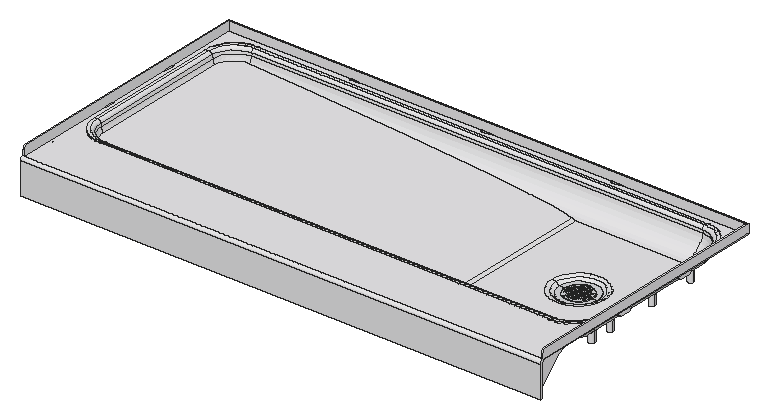
Revit family "Shower-Base-STERLING-Ensemble-72171120_1", category Plumbing Fixtures, host Face, Revit 2017 (continued)
Definition of nested family "72171120"
  Lines and regions (in)
    symbolic lines, detail levels medium+fine
      curve 111: arc (22.2, -0.88222, 0) -> (22.18536, -0.84686, 0) -> (22.15, -0.83222, 0) r 0.05
      curve 112: line (21.156, -0.73847, 0) -> (20.85, -0.73847, 0)
      curve 113: arc (20.85, -0.73847, 0) -> (20.81464, -0.72382, 0) -> (20.8, -0.68847, 0) r 0.05
      curve 114: line (20.8, -0.68847, 0) -> (20.8, -0.38247, 0)
      curve 115: arc (20.8, -0.38247, 0) -> (20.81464, -0.34711, 0) -> (20.85, -0.33247, 0) r 0.05
      curve 116: line (20.85, -0.33247, 0) -> (21.156, -0.33247, 0)
      curve 117: arc (21.156, -0.33247, 0) -> (21.19136, -0.34711, 0) -> (21.206, -0.38247, 0) r 0.05
      curve 118: line (21.206, -0.38247, 0) -> (21.206, -0.68847, 0)
      curve 119: arc (21.206, -0.68847, 0) -> (21.19136, -0.72382, 0) -> (21.156, -0.73847, 0) r 0.05
      curve 120: line (20.85, -0.83222, 0) -> (21.15625, -0.83222, 0)
      curve 121: arc (21.15625, -0.83222, 0) -> (21.19161, -0.84686, 0) -> (21.20625, -0.88222, 0) r 0.05
      curve 122: line (21.20625, -0.88222, 0) -> (21.20625, -1.18847, 0)
      curve 123: arc (21.20625, -1.18847, 0) -> (21.19161, -1.22382, 0) -> (21.15625, -1.23847, 0) r 0.05
      curve 124: line (21.15625, -1.23847, 0) -> (20.85, -1.23847, 0)
      curve 125: arc (20.85, -1.23847, 0) -> (20.81464, -1.22382, 0) -> (20.8, -1.18847, 0) r 0.05
      curve 126: line (20.8, -1.18847, 0) -> (20.8, -0.88222, 0)
      curve 127: arc (20.8, -0.88222, 0) -> (20.81464, -0.84686, 0) -> (20.85, -0.83222, 0) r 0.05
      curve 128: line (20.65625, 0.25503, 0) -> (20.35025, 0.25503, 0)
      curve 129: arc (20.35025, 0.25503, 0) -> (20.31489, 0.26968, 0) -> (20.30025, 0.30503, 0) r 0.05
      curve 130: line (20.30025, 0.30503, 0) -> (20.30025, 0.61103, 0)
      curve 131: arc (20.30025, 0.61103, 0) -> (20.31489, 0.64639, 0) -> (20.35025, 0.66103, 0) r 0.05
      curve 132: line (20.35025, 0.66103, 0) -> (20.65625, 0.66103, 0)
      curve 133: arc (20.65625, 0.66103, 0) -> (20.69161, 0.64639, 0) -> (20.70625, 0.61103, 0) r 0.05
      curve 134: line (20.70625, 0.61103, 0) -> (20.70625, 0.30503, 0)
      curve 135: arc (20.70625, 0.30503, 0) -> (20.69161, 0.26968, 0) -> (20.65625, 0.25503, 0) r 0.05
      curve 136: line (20.65625, -0.33247, 0) -> (20.35025, -0.33247, 0)
      curve 137: arc (20.35025, -0.33247, 0) -> (20.31489, -0.34711, 0) -> (20.30025, -0.38247, 0) r 0.05
      curve 138: line (20.30025, -0.38247, 0) -> (20.30025, -0.68847, 0)
      curve 139: arc (20.30025, -0.68847, 0) -> (20.31489, -0.72382, 0) -> (20.35025, -0.73847, 0) r 0.05
      curve 140: line (20.35025, -0.73847, 0) -> (20.65625, -0.73847, 0)
      curve 141: arc (20.65625, -0.73847, 0) -> (20.69161, -0.72382, 0) -> (20.70625, -0.68847, 0) r 0.05
      curve 142: line (20.70625, -0.68847, 0) -> (20.70625, -0.38247, 0)
      curve 143: arc (20.70625, -0.38247, 0) -> (20.69161, -0.34711, 0) -> (20.65625, -0.33247, 0) r 0.05
      curve 144: line (22.34375, 0.25503, 0) -> (22.64975, 0.25503, 0)
      curve 145: arc (22.64975, 0.25503, 0) -> (22.68511, 0.26968, 0) -> (22.69975, 0.30503, 0) r 0.05
      curve 146: line (22.69975, 0.30503, 0) -> (22.69975, 0.61103, 0)
      curve 147: arc (22.69975, 0.61103, 0) -> (22.68511, 0.64639, 0) -> (22.64975, 0.66103, 0) r 0.05
      curve 148: line (22.64975, 0.66103, 0) -> (22.34375, 0.66103, 0)
      curve 149: arc (22.34375, 0.66103, 0) -> (22.30839, 0.64639, 0) -> (22.29375, 0.61103, 0) r 0.05
      curve 150: line (22.29375, 0.61103, 0) -> (22.29375, 0.30503, 0)
      curve 151: arc (22.29375, 0.30503, 0) -> (22.30839, 0.26968, 0) -> (22.34375, 0.25503, 0) r 0.05
      curve 152: line (22.34375, -0.33247, 0) -> (22.64975, -0.33247, 0)
      curve 153: arc (22.64975, -0.33247, 0) -> (22.68511, -0.34711, 0) -> (22.69975, -0.38247, 0) r 0.05
      curve 154: line (22.69975, -0.38247, 0) -> (22.69975, -0.68847, 0)
      curve 155: arc (22.69975, -0.68847, 0) -> (22.68511, -0.72382, 0) -> (22.64975, -0.73847, 0) r 0.05
      curve 156: line (22.64975, -0.73847, 0) -> (22.34375, -0.73847, 0)
      curve 157: arc (22.34375, -0.73847, 0) -> (22.30839, -0.72382, 0) -> (22.29375, -0.68847, 0) r 0.05
      curve 158: line (22.29375, -0.68847, 0) -> (22.29375, -0.38247, 0)
      curve 159: arc (22.29375, -0.38247, 0) -> (22.30839, -0.34711, 0) -> (22.34375, -0.33247, 0) r 0.05
      curve 160: line (21.7, 1.11103, 0) -> (21.7, 0.80103, 0)
      curve 161: arc (21.7, 0.80103, 0) -> (21.68536, 0.76568, 0) -> (21.65, 0.75103, 0) r 0.05
      curve 162: line (21.65, 0.75103, 0) -> (21.35, 0.75103, 0)
      curve 163: arc (21.35, 0.75103, 0) -> (21.31464, 0.76568, 0) -> (21.3, 0.80103, 0) r 0.05
      curve 164: line (21.3, 0.80103, 0) -> (21.3, 1.11103, 0)
      curve 165: line (21.37, 1.16103, 0) -> (21.37, 1.41103, 0)
      curve 166: line (21.37, 1.41103, 0) -> (21.63, 1.41103, 0)
      curve 167: line (21.63, 1.16103, 0) -> (21.63, 1.41103, 0)
      curve 168: arc (21.3, 1.11103, 0) -> (21.32213, 1.15404, 0) -> (21.37, 1.16103, 0) r 0.05286
      curve 169: arc (21.63, 1.16103, 0) -> (21.67787, 1.15404, 0) -> (21.7, 1.11103, 0) r 0.05286
      curve 170: line (21.7, -1.18847, 0) -> (21.7, -0.87847, 0)
      curve 171: arc (21.7, -0.87847, 0) -> (21.68536, -0.84311, 0) -> (21.65, -0.82847, 0) r 0.05
      curve 172: line (21.65, -0.82847, 0) -> (21.35, -0.82847, 0)
      curve 173: arc (21.35, -0.82847, 0) -> (21.31464, -0.84311, 0) -> (21.3, -0.87847, 0) r 0.05
      curve 174: line (21.3, -0.87847, 0) -> (21.3, -1.18847, 0)
      curve 175: line (21.37, -1.23847, 0) -> (21.37, -1.48847, 0)
      curve 176: line (21.37, -1.48847, 0) -> (21.63, -1.48847, 0)
      curve 177: line (21.63, -1.23847, 0) -> (21.63, -1.48847, 0)
      curve 178: arc (21.3, -1.18847, 0) -> (21.32213, -1.23148, 0) -> (21.37, -1.23847, 0) r 0.05286
      curve 179: arc (21.63, -1.23847, 0) -> (21.67787, -1.23148, 0) -> (21.7, -1.18847, 0) r 0.05286
      curve 180: line (20.35025, 0.16128, 0) -> (20.66025, 0.16128, 0)
      curve 181: arc (20.66025, 0.16128, 0) -> (20.69561, 0.14664, 0) -> (20.71025, 0.11128, 0) r 0.05
      curve 182: line (20.71025, 0.11128, 0) -> (20.71025, -0.18872, 0)
      curve 183: arc (20.71025, -0.18872, 0) -> (20.69561, -0.22407, 0) -> (20.66025, -0.23872, 0) r 0.05
      curve 184: line (20.66025, -0.23872, 0) -> (20.35025, -0.23872, 0)
      curve 185: line (20.30025, -0.16872, 0) -> (20.05025, -0.16872, 0)
      curve 186: line (20.05025, -0.16872, 0) -> (20.05025, 0.09128, 0)
      curve 187: line (20.30025, 0.09128, 0) -> (20.05025, 0.09128, 0)
      curve 188: arc (20.35025, -0.23872, 0) -> (20.30724, -0.21658, 0) -> (20.30025, -0.16872, 0) r 0.05286
      curve 189: arc (20.30025, 0.09128, 0) -> (20.30724, 0.13915, 0) -> (20.35025, 0.16128, 0) r 0.05286
      curve 190: line (22.64975, 0.16128, 0) -> (22.33975, 0.16128, 0)
      curve 191: arc (22.33975, 0.16128, 0) -> (22.30439, 0.14664, 0) -> (22.28975, 0.11128, 0) r 0.05
      curve 192: line (22.28975, 0.11128, 0) -> (22.28975, -0.18872, 0)
      curve 193: arc (22.28975, -0.18872, 0) -> (22.30439, -0.22407, 0) -> (22.33975, -0.23872, 0) r 0.05
      curve 194: line (22.33975, -0.23872, 0) -> (22.64975, -0.23872, 0)
      curve 195: line (22.69975, -0.16872, 0) -> (22.94975, -0.16872, 0)
      curve 196: line (22.94975, -0.16872, 0) -> (22.94975, 0.09128, 0)
      curve 197: line (22.69975, 0.09128, 0) -> (22.94975, 0.09128, 0)
      curve 198: arc (22.64975, -0.23872, 0) -> (22.69276, -0.21658, 0) -> (22.69975, -0.16872, 0) r 0.05286
      curve 199: arc (22.69975, 0.09128, 0) -> (22.69276, 0.13915, 0) -> (22.64975, 0.16128, 0) r 0.05286
      curve 200: arc (26.0138, 11.00374, 0) -> (26.91576, 10.61481, 0) -> (27.28728, 9.70554, 0) r 1.29844
      curve 201: line (27.28728, 9.70554, 0) -> (27.28728, -9.70554, 0)
      curve 202: arc (26.0138, -11.00374, 0) -> (26.91576, -10.61481, 0) -> (27.28728, -9.70554, 0) r 1.29844
      curve 203: line (-15.57877, 13.44628, 0) -> (-14.47768, 13.44628, 0)
      curve 204: arc (-14.47768, 13.44628, 0) -> (-14.4252, 13.46802, 0) -> (-14.40346, 13.5205, 0) r 0.07422
      curve 205: line (-14.40346, 13.5205, 0) -> (-14.40346, 13.65482, 0)
      curve 206: arc (-15.65169, 13.51921, 0) -> (-15.63033, 13.46764, 0) -> (-15.57877, 13.44628, 0) r 0.07293
      curve 207: line (-15.65169, 13.65482, 0) -> (-15.65169, 13.51921, 0)
      curve 208: line (-0.5499, 13.44628, 0) -> (0.55119, 13.44628, 0)
      curve 209: arc (0.55119, 13.44628, 0) -> (0.60367, 13.46802, 0) -> (0.62541, 13.5205, 0) r 0.07422
      curve 210: line (0.62541, 13.5205, 0) -> (0.62541, 13.65482, 0)
      curve 211: arc (-0.62283, 13.51921, 0) -> (-0.60147, 13.46764, 0) -> (-0.5499, 13.44628, 0) r 0.07293
      curve 212: line (-0.62283, 13.65482, 0) -> (-0.62283, 13.51921, 0)
      curve 213: line (14.47768, 13.44628, 0) -> (15.57877, 13.44628, 0)
      curve 214: arc (15.57877, 13.44628, 0) -> (15.63125, 13.46802, 0) -> (15.65298, 13.5205, 0) r 0.07422
      curve 215: line (15.65298, 13.5205, 0) -> (15.65298, 13.65482, 0)
      curve 216: arc (14.40475, 13.51921, 0) -> (14.42611, 13.46764, 0) -> (14.47768, 13.44628, 0) r 0.07293
      curve 217: line (14.40475, 13.65482, 0) -> (14.40475, 13.51921, 0)
      curve 218: line (-29.61162, 4.34771, 0) -> (-29.61162, 5.4488, 0)
      curve 219: arc (-29.61162, 5.4488, 0) -> (-29.63336, 5.50128, 0) -> (-29.68584, 5.52302, 0) r 0.07422
      curve 220: line (-29.68584, 5.52302, 0) -> (-29.81854, 5.52302, 0)
      curve 221: arc (-29.68455, 4.27478, 0) -> (-29.63298, 4.29614, 0) -> (-29.61162, 4.34771, 0) r 0.07293
      curve 222: line (-29.81854, 4.27478, 0) -> (-29.68455, 4.27478, 0)
      curve 223: line (-29.61162, -7.67662, 0) -> (-29.61162, -6.57553, 0)
      curve 224: arc (-29.61162, -6.57553, 0) -> (-29.63336, -6.52305, 0) -> (-29.68584, -6.50131, 0) r 0.07422
      curve 225: line (-29.68584, -6.50131, 0) -> (-29.81854, -6.50131, 0)
      curve 226: arc (-29.68455, -7.74955, 0) -> (-29.63298, -7.72819, 0) -> (-29.61162, -7.67662, 0) r 0.07293
      curve 227: line (-29.81854, -7.74955, 0) -> (-29.68455, -7.74955, 0)
      curve 228: line (29.61162, 4.34771, 0) -> (29.61162, 5.4488, 0)
      curve 229: arc (29.61162, 5.4488, 0) -> (29.63336, 5.50128, 0) -> (29.68584, 5.52302, 0) r 0.07422
      curve 230: line (29.68584, 5.52302, 0) -> (29.81854, 5.52302, 0)
      curve 231: arc (29.68455, 4.27478, 0) -> (29.63298, 4.29614, 0) -> (29.61162, 4.34771, 0) r 0.07293
      curve 232: line (29.81854, 4.27478, 0) -> (29.68455, 4.27478, 0)
      curve 233: line (29.61162, -7.67662, 0) -> (29.61162, -6.57553, 0)
      curve 234: arc (29.61162, -6.57553, 0) -> (29.63336, -6.52305, 0) -> (29.68584, -6.50131, 0) r 0.07422
      curve 235: line (29.68584, -6.50131, 0) -> (29.81854, -6.50131, 0)
      curve 236: arc (29.68455, -7.74955, 0) -> (29.63298, -7.72819, 0) -> (29.61162, -7.67662, 0) r 0.07293
      curve 237: line (29.81854, -7.74955, 0) -> (29.68455, -7.74955, 0)
      curve 238: line (0, -9.90746, 1.11914) -> (0, 9.90746, 1.11914)
      curve 239: line (0, 9.69244, 0) -> (0, 9.69244, 1.11914)
      curve 240: line (0, 9.05801, 0) -> (0, 9.05801, 1.11914)
      curve 241: line (0, 4.12338, 0) -> (0, 4.12338, 1.11914)
      curve 242: line (0, 3.48895, 0) -> (0, 3.48895, 1.11914)
      curve 243: line (0, 2.19244, 0) -> (0, 2.19244, 1.11914)
      curve 244: line (0, 1.55801, 0) -> (0, 1.55801, 1.11914)
      curve 245: line (0, -10.16119, 0) -> (0, -10.16119, 1.13205)
      curve 246: line (0, -9.52676, 0) -> (0, -9.52676, 1.11914)
      curve 247: line (0, -1.19204, 0) -> (0, -1.19204, 1.11914)
      curve 248: line (0, -0.55761, 0) -> (0, -0.55761, 1.11914)
      curve 249: line (0, 0.77015, 0) -> (0, 0.77015, 1.11914)
      curve 250: line (0, 1.40458, 0) -> (0, 1.40458, 1.11914)
      curve 251: line (0, -8.56089, 0) -> (0, -8.56089, 1.11914)
      curve 252: line (0, -7.92646, 0) -> (0, -7.92646, 1.11914)
      curve 253: arc (0, 11.98871, 2.23407) -> (0, 11.3594, 0.78644) -> (0, 9.93976, 0.09629) r 2.2761
      curve 254: line (0, 4.12338, 0.09629) -> (0, 9.05801, 0.09629)
      curve 255: arc (0, 9.90746, 1.11914) -> (0, 11.3259, 1.56049) -> (0, 12.24352, 2.72873) r 2.5
      curve 256: arc (0, 11.83708, 2.02962) -> (0, 11.10287, 0.72238) -> (0, 9.69244, 0.21382) r 2.14804
      curve 257: arc (0, 11.6824, 1.85858) -> (0, 11.00224, 0.79107) -> (0, 9.82198, 0.33372) r 2.03086
      curve 258: line (0, 9.82198, 0.33372) -> (0, 9.69244, 0.33372)
      curve 259: arc (0, 11.51086, 1.70104) -> (0, 10.83338, 0.80899) -> (0, 9.77269, 0.44895) r 1.91367
      curve 260: line (0, 9.77269, 0.44895) -> (0, 9.69244, 0.44895)
      curve 261: line (0, 9.05801, 0.44895) -> (0, 4.12338, 0.44895)
      curve 262: line (0, 9.05801, 0.33372) -> (0, 4.12338, 0.33372)
      curve 263: line (0, 9.05801, 0.21458) -> (0, 4.12338, 0.21458)
      curve 264: line (0, 9.69244, 0.09629) -> (0, 9.93976, 0.09629)
      curve 265: line (0, 3.48895, 0.44895) -> (0, 2.19244, 0.44895)
      curve 266: line (0, 3.48895, 0.33372) -> (0, 2.19244, 0.33372)
      curve 267: line (0, 3.48895, 0.21458) -> (0, 2.19244, 0.21458)
      curve 268: line (0, 3.48895, 0.09629) -> (0, 2.19244, 0.09629)
      curve 269: line (0, -1.19204, 0.09629) -> (0, -7.92646, 0.09629)
      curve 270: line (0, -7.92646, 0.44895) -> (0, -1.19204, 0.44895)
      curve 271: line (0, -7.92646, 0.33372) -> (0, -1.19204, 0.33372)
      curve 272: line (0, -7.92646, 0.21458) -> (0, -1.19204, 0.21458)
      curve 273: line (0, -0.55761, 0.44895) -> (0, 0.77015, 0.44895)
      curve 274: line (0, -0.55761, 0.33372) -> (0, 0.77015, 0.33372)
      curve 275: line (0, -0.55761, 0.21458) -> (0, 0.77015, 0.21458)
      curve 276: line (0, -0.55761, 0.09629) -> (0, 0.77015, 0.09629)
      curve 277: line (0, 1.55801, 0.09629) -> (0, 1.40458, 0.09629)
      curve 278: line (0, 1.40458, 0.44895) -> (0, 1.55801, 0.44895)
      curve 279: line (0, 1.40458, 0.33372) -> (0, 1.55801, 0.33372)
      curve 280: line (0, 1.40458, 0.21458) -> (0, 1.55801, 0.21458)
      curve 281: arc (0, -11.98871, 2.23407) -> (0, -11.43486, 0.86915) -> (0, -10.16119, 0.12921) r 2.2761
      curve 282: arc (0, -9.90746, 1.11914) -> (0, -11.32655, 1.56094) -> (0, -12.24408, 2.7302) r 2.5
      curve 283: arc (0, -11.83708, 2.02962) -> (0, -11.27426, 0.88446) -> (0, -10.16119, 0.26059) r 2.14804
      curve 284: arc (0, -11.6824, 1.85858) -> (0, -11.13008, 0.90519) -> (0, -10.16119, 0.38054) r 2.03086
      curve 285: arc (0, -11.51086, 1.70104) -> (0, -10.98652, 0.93171) -> (0, -10.16119, 0.50086) r 1.91367
      curve 286: line (0, -15.99966, 0) -> (0, -15.99966, 3.60908)
      curve 287: arc (0, -15.99966, 3.60908) -> (0, -15.93355, 3.76868) -> (0, -15.77395, 3.83479) r 0.22571
      curve 288: line (0, 12.99225, 3.83479) -> (0, -15.77395, 3.83479)
      curve 289: line (0, -6.62696, 3.4196) -> (0, -7.62519, 3.4196)
      curve 290: arc (0, -7.62519, 3.4196) -> (0, -7.90563, 3.54373) -> (0, -8.0023, 3.83479) r 0.37885
      curve 291: arc (0, -6.24985, 3.83479) -> (0, -6.34652, 3.54373) -> (0, -6.62696, 3.4196) r 0.37885
      curve 292: line (0, 5.39673, 3.4196) -> (0, 4.39849, 3.4196)
      curve 293: arc (0, 4.39849, 3.4196) -> (0, 4.11805, 3.54373) -> (0, 4.02139, 3.83479) r 0.37885
      curve 294: arc (0, 5.77383, 3.83479) -> (0, 5.67717, 3.54373) -> (0, 5.39673, 3.4196) r 0.37885
      curve 295: line (0, 13.4098, 3.83479) -> (0, 13.69535, 3.83479)
      curve 296: arc (0, -13.25245, 3.13727) -> (0, -12.5125, 3.5696) -> (0, -11.69757, 3.83479) r 4.00919
      curve 297: line (0, -12.24117, 2.70812) -> (0, -12.36293, 3.63309)
      curve 298: line (0, -8.56089, 0.44895) -> (0, -9.52676, 0.44895)
      curve 299: line (0, -8.56089, 0.33372) -> (0, -9.52676, 0.33372)
      curve 300: line (0, -8.56089, 0.21458) -> (0, -9.52676, 0.21458)
      curve 301: line (0, -8.56089, 0.09629) -> (0, -9.52676, 0.09629)
    symbolic lines
      curve 4: line (-29.81854, -15.73129, 0) -> (-29.81854, 13.65482, 0)
      curve 5: line (-29.81854, 13.65482, 0) -> (29.81854, 13.65482, 0)
      curve 6: line (29.81854, 13.65482, 0) -> (29.81854, -15.73129, 0)
      curve 7: arc (-29.29768, 9.70554, 0) -> (-28.33159, 12.03789, 0) -> (-25.99925, 13.00398, 0) r 3.29844
      curve 8: line (-25.99925, 13.00398, 0) -> (25.98884, 13.00398, 0)
      curve 9: arc (25.98884, 13.00398, 0) -> (28.32119, 12.03789, 0) -> (29.28728, 9.70554, 0) r 3.29844
      curve 10: line (29.28728, 9.70554, 0) -> (29.28728, -9.70554, 0)
      curve 11: arc (25.98884, -13.00398, 0) -> (28.32119, -12.03789, 0) -> (29.28728, -9.70554, 0) r 3.29844
      curve 12: line (25.98884, -13.00398, 0) -> (-25.99925, -13.00398, 0)
      curve 13: arc (-25.99925, -13.00398, 0) -> (-28.33159, -12.03789, 0) -> (-29.29768, -9.70554, 0) r 3.29844
      curve 14: line (-29.29768, -9.70554, 0) -> (-29.29768, 9.70554, 0)
      curve 20: circle (21.5, -0.03872, 0) r 2.19531 normal (0, 0, -1)
      curve 302: line (-29.81854, -15.73129, 0) -> (-30, -15.73129, 0)
      curve 303: line (29.81854, -15.73129, 0) -> (30, -15.73129, 0)
  Dimensions and locks (in)
    locked: plane 4 to level at 5
    locked: plane 5 to plane 6 at 60
    plane 8 to plane 7 = 30"
    locked: plane 10 to level at 4
    equal spacing: plane 7, plane 12, plane 8
    aligned and locked: plane 2 to level
  Automatic sketch dimensions
    curve 256 to curve 257 = 0"  (x2)
    curve 256 to curve 259 = 0"  (x2)
    curve 257 to curve 259 = 0"  (x2)
    curve 283 to curve 284 = 0"  (x2)
    curve 283 to curve 285 = 0"  (x2)
    curve 284 to curve 285 = 0"  (x2)
    curve 286 to level = 0"
    curve 245 to level = 0"
    curve 246 to level = 0"
    curve 251 to level = 0"
    curve 252 to level = 0"
    curve 247 to level = 0"
    curve 248 to level = 0"
    curve 249 to level = 0"
    curve 250 to level = 0"
    curve 244 to level = 0"
    curve 243 to level = 0"
    curve 242 to level = 0"
    curve 241 to level = 0"
    curve 240 to level = 0"
    curve 239 to level = 0"
    curve 286 to plane 8 = 21/128"
    curve 286 to curve 288 = 0.22571"
    curve 296 to level = 0.08838"
    curve 286 to curve 296 = 5.12813"
    curve 282 to plane 10 = 0.38086"
    curve 296 to curve 282 = 0.96407"
    curve 238 to curve 281 = 0.19128"
    curve 281 to curve 283 = 0.00131"
    curve 290 to plane 10 = 0.20154"
    curve 282 to curve 290 = 2.28227"
    curve 291 to plane 10 = 0.20154"
    curve 290 to curve 291 = 0.99823"
    curve 293 to plane 10 = 0.20154"
    curve 293 to plane 1 "Center (Front/Back)" = 4.39849"
    curve 294 to plane 10 = 0.20154"
    curve 293 to curve 294 = 0.99823"
    curve 256 to plane 10 = 1.63825"
    curve 256 to plane 7 = 4.12141"
    curve 256 to curve 253 = 0.00131"
    level to curve 260 = 0.44895"
    curve 253 to curve 260 = 0.05651"
    curve 260 to curve 258 = 0.0493"
    curve 255 to plane 10 = 0.38086"
    curve 256 to curve 255 = 0.19259"
    level to curve 264 = 0.09629"
    curve 258 to curve 264 = 0.11778"
    curve 258 to curve 260 = 0.11523"
    curve 260 to curve 238 = 0.67018"
    curve 253 to curve 256 = 0.00037"
    curve 246 to curve 281 = 1.24224"
    curve 281 to curve 283 = 0.00037"
    curve 289 to curve 290 = 0.37885"
    curve 292 to curve 294 = 0.37885"
    curve 287 to plane 10 = 0.39092"
    curve 296 to plane 10 = 0.86273"
    curve 287 to curve 296 = 2.5215"
    curve 297 to plane 10 = 0.36691"
    curve 297 to curve 282 = 0.11885"
    curve 297 to plane 10 = 1.29188"
    curve 297 to curve 281 = 0.25246"
    curve 281 to curve 283 = 0.15163"
    curve 283 to curve 284 = 0.15468"
    curve 284 to curve 285 = 0.17154"
    level to curve 284 = 0.38054"
    curve 285 to curve 298 = 0.63443"
    curve 301 to curve 246 = 0"
    curve 246 to curve 251 = 0.96587"
    level to curve 269 = 0.09629"
    curve 301 to curve 269 = 0.63443"
    curve 272 to plane 12 = 0.02832"
    plane 12 to curve 273 = 0.60611"
    level to curve 276 = 0.09629"
    curve 276 to curve 276 = 1.32776"
    curve 249 to curve 250 = 0.63443"
    curve 244 to plane 1 "Center (Front/Back)" = 1.55801"
    curve 279 to curve 266 = 0.63443"
    level to curve 268 = 0.09629"
    curve 268 to curve 268 = 1.29651"
    level to curve 254 = 0.09629"
    curve 268 to curve 254 = 0.63443"
    curve 240 to curve 255 = 0.84945"
    curve 258 to curve 257 = 0.12954"
    curve 257 to curve 256 = 0.15468"
    curve 253 to curve 255 = 0.25481"
    curve 288 to plane 7 = 0.84403"
    curve 295 to plane 10 = 0.16521"
    curve 288 to curve 295 = 0.41755"
    curve 295 to plane 7 = 0.14093"
    curve 251 to curve 301 = 0.09629"
    curve 250 to curve 277 = 0.09629"
    curve 277 to curve 280 = 0.11829"
    curve 254 to curve 263 = 0.11829"
    curve 276 to curve 275 = 0.11829"
    curve 268 to curve 267 = 0.11829"
    curve 269 to curve 272 = 0.11829"
    curve 301 to curve 300 = 0.11829"
    curve 272 to curve 271 = 0.11914"
    curve 300 to curve 299 = 0.11914"
    curve 275 to curve 274 = 0.11914"
    curve 263 to curve 262 = 0.11914"
    curve 280 to curve 279 = 0.11914"
    curve 267 to curve 266 = 0.11914"
    curve 266 to curve 265 = 0.11523"
    curve 262 to curve 261 = 0.11523"
    curve 299 to curve 298 = 0.11523"
    curve 271 to curve 270 = 0.11523"
    curve 279 to curve 278 = 0.11523"
    curve 274 to curve 273 = 0.11523"
    curve 1 to plane 5 = 0"
    curve 2 to plane 4 = 0"
    curve 2 to plane 10 = 0"
    curve 3 to plane 4 = 0"
    plane 6 to curve 1 = 0"
    plane 5 to curve 2 = 0.14645"
    plane 5 to curve 2 = 0.18146"
    plane 6 to curve 3 = 0.18146"
    plane 6 to curve 3 = 0.14645"
    Sweep 1 sketch curve to plane 5 = 0"
    Sweep 1 sketch curve to plane 6 = 0"
    Sweep 1 sketch curve to plane 7 = 0"
    Sweep 1 sketch curve to plane 8 = 0.43243"
    Sweep 1 sketch curve to plane 8 = 0.31219"
    Sweep 1 sketch curve to profile plane = 0"
    profile plane to Sweep 1 sketch curve = 9/64"
    Sweep 1 sketch curve to Sweep 1 sketch curve = 0.14645"
    Sweep 1 sketch curve to Sweep 1 sketch curve = 0.04084"
    Sweep 1 sketch curve to Sweep 1 sketch curve = 0.29083"
    level to Sweep 1 sketch curve = 3.83479"
    Sweep 1 sketch curve to Sweep 1 sketch curve = 0.02459"
    Sweep 1 sketch curve to Sweep 1 sketch curve = 1"
    plane 5 to Sweep 2 sketch curve = 1.10075"
    Sweep 2 sketch curve to plane 7 = 1.23074"
    plane 5 to Sweep 2 sketch curve = 4.00075"  (x2)
    plane 6 to Sweep 2 sketch curve = 4.01116"  (x2)
    plane 6 to Sweep 2 sketch curve = 1.11116"
    Sweep 2 sketch curve to plane 12 = 5.20423"  (x2)
    level to Sweep 2 sketch curve = 1.29492"
    profile plane to Sweep 2 sketch curve = 2.8815"
    Sweep 2 sketch curve to Sweep 2 sketch curve = 0.03432"
    Sweep 2 sketch curve to Sweep 2 sketch curve = 0.14718"
    profile plane to Sweep 2 sketch curve = 0.38519"
    Sweep 2 sketch curve to Sweep 2 sketch curve = 0.05458"
    Sweep 2 sketch curve to Sweep 2 sketch curve = 0.1477"
    profile plane to Sweep 2 sketch curve = 0.15973"
    Sweep 2 sketch curve to profile plane = 0.02333"
    Sweep 2 sketch curve to profile plane = 0.04254"
    Sweep 2 sketch curve to profile plane = 0.05195"
    Sweep 2 sketch curve to Sweep 2 sketch curve = 0.0209"
    Sweep 2 sketch curve to Sweep 2 sketch curve = 0.29364"
    Sweep 2 sketch curve to Sweep 2 sketch curve = 0.00156"
    Sweep 2 sketch curve to Sweep 2 sketch curve = 0.03609"
    Sweep 2 sketch curve to Sweep 2 sketch curve = 0.0392"
    Sweep 2 sketch curve to Sweep 2 sketch curve = 0.03997"
    Sweep 2 sketch curve to Sweep 2 sketch curve = 45/256"
    level to Sweep 2 sketch curve = 3.06119"
    Sweep 2 sketch curve to Sweep 2 sketch curve = 0.12658"
    Sweep 2 sketch curve to Sweep 2 sketch curve = 0.22673"
    Sweep 2 sketch curve to Sweep 2 sketch curve = 0.17285"
    Sweep 2 sketch curve to Sweep 2 sketch curve = 39/128"
    Sweep 2 sketch curve to Sweep 2 sketch curve = 0.01161"
    Sweep 2 sketch curve to Sweep 2 sketch curve = 0.02748"
    Sweep 2 sketch curve to Sweep 2 sketch curve = 0.03834"
    Sweep 2 sketch curve to Sweep 2 sketch curve = 0.0149"
    Sweep 2 sketch curve to Sweep 2 sketch curve = 0.16529"
    plane 5 to Extrusion 3 sketch curve = 0.43146"
    plane 5 to Extrusion 3 sketch curve = 0.67755"
    Extrusion 3 sketch curve to Extrusion 3 sketch curve = 3.3232"
    plane 5 to Extrusion 3 sketch curve = 4.00075"
    Extrusion 3 sketch curve to plane 7 = 0.80754"
    plane 6 to Extrusion 3 sketch curve = 4.01116"  (x2)
    plane 6 to Extrusion 3 sketch curve = 0.68796"
    plane 6 to Extrusion 3 sketch curve = 0.43146"
    Extrusion 3 sketch curve to plane 12 = 5.20423"  (x2)
    Extrusion 3 sketch curve to plane 8 = 0.43243"
    Extrusion 3 sketch curve to plane 7 = 0.43146"
    plane 5 to Extrusion 4 sketch curve = 1.34237"
    level to Extrusion 4 sketch curve = 1.30478"
    plane 9 to Extrusion 4 sketch curve = 8.7242"
    plane 9 to Extrusion 4 sketch curve = 8.1694"
    Extrusion 4 sketch curve to Extrusion 4 sketch curve = 0.00986"
    Extrusion 4 sketch curve to Extrusion 4 sketch curve = 0.11043"
    Extrusion 4 sketch curve to plane 10 = 1.22168"
    plane 5 to Extrusion 5 sketch curve = 3.98226"
    plane 6 to Extrusion 5 sketch curve = 3.99266"
    Extrusion 5 sketch curve to plane 12 = 5.22273"  (x2)
    Extrusion 5 sketch curve to plane 7 = 4.11224"
    plane 5 to Sweep 6 sketch curve = 1.10075"
    Sweep 6 sketch curve to plane 7 = 1.23074"
    plane 5 to Sweep 6 sketch curve = 4.00075"  (x2)
    plane 6 to Sweep 6 sketch curve = 4.01116"  (x2)
    plane 6 to Sweep 6 sketch curve = 1.11116"
    Sweep 6 sketch curve to plane 12 = 5.20423"  (x2)
    profile plane to Sweep 6 sketch curve = 2 61/64"
    level to Sweep 6 sketch curve = 1.18449"
    profile plane to Sweep 6 sketch curve = 2.34361"
    profile plane to Sweep 6 sketch curve = 0.28853"
    Sweep 6 sketch curve to profile plane = 1 1/16"
    Sweep 6 sketch curve to Sweep 6 sketch curve = 1.78942"
    Extrusion 7 sketch curve to plane 8 = 0"
    Extrusion 7 sketch curve to level = 0"
    Extrusion 7 sketch curve to plane 10 = 0"
    Extrusion 7 sketch curve to Extrusion 7 sketch curve = 21/128"
    Extrusion 7 sketch curve to Extrusion 7 sketch curve = 0.22571"
    Extrusion 7 sketch curve to Extrusion 7 sketch curve = 0.01192"
    Extrusion 7 sketch curve to Extrusion 7 sketch curve = 0.03074"
    Extrusion 7 sketch curve to Extrusion 7 sketch curve = 0.01077"
    Extrusion 8 sketch curve to plane 4 = 0"
    Extrusion 8 sketch curve to plane 10 = 0.01131"
    Extrusion 8 sketch curve to plane 8 = 0.18063"
    Extrusion 8 sketch curve to Extrusion 8 sketch curve = 0.2518"
    plane 4 to Extrusion 8 sketch curve = 1/4"
    Extrusion 8 sketch curve to Extrusion 8 sketch curve = 0.66466"
    Extrusion 9 sketch curve to plane 10 = 0"
    Extrusion 9 sketch curve to plane 4 = 0"
    Extrusion 9 sketch curve to plane 8 = 0.18063"
    Extrusion 9 sketch curve to Extrusion 9 sketch curve = 0.2518"
    plane 4 to Extrusion 9 sketch curve = 1/4"
    Extrusion 9 sketch curve to Extrusion 9 sketch curve = 0.66466"
    plane 9 to Revolve 10 sketch curve = 0"  (x3)
    Revolve 10 sketch curve to Revolve 10 sketch curve = 1.578"
    Revolve 10 sketch curve to Revolve 10 sketch curve = 0.01575"
    Revolve 10 sketch curve to Revolve 10 sketch curve = 0.05384"
    Revolve 10 sketch curve to Revolve 10 sketch curve = 0.54773"
    level to Revolve 10 sketch curve = 0.61108"
    Revolve 10 sketch curve to Revolve 10 sketch curve = 0.03212"
    Revolve 10 sketch curve to Revolve 10 sketch curve = 0.17829"
    Revolve 10 sketch curve to Revolve 10 sketch curve = 0.26661"
    Revolve 10 sketch curve to Revolve 10 sketch curve = 0.10647"
    Revolve 10 sketch curve to Revolve 10 sketch curve = 0.03184"
    Revolve 10 sketch curve to Revolve 10 sketch curve = 0"
    Revolve 10 sketch curve to Revolve 10 sketch curve = 0.06637"
    Revolve 10 sketch curve to Revolve 10 sketch curve = 0.025"
    plane 9 to Revolve 11 sketch curve = 0"  (x2)
    Revolve 11 sketch curve to level = 0"
    plane 9 to Revolve 11 sketch curve = 1"
    level to Revolve 11 sketch curve = 0.28027"
    Revolve 11 sketch curve to Revolve 11 sketch curve = 0.59302"
    Revolve 11 sketch curve to Revolve 11 sketch curve = 0.48431"
    level to Revolve 11 sketch curve = 0.34078"
    Revolve 11 sketch curve to Revolve 11 sketch curve = 0.14608"
    level to Revolve 11 sketch curve = 0.50091"
    Revolve 11 sketch curve to Revolve 11 sketch curve = 0.16014"
    Revolve 11 sketch curve to Revolve 11 sketch curve = 0.07712"  (x2)
    Revolve 11 sketch curve to Revolve 11 sketch curve = 0.14684"
    level to Revolve 11 sketch curve = 0.58726"
    Revolve 11 sketch curve to Revolve 11 sketch curve = 0.05937"
    level to Revolve 11 sketch curve = 1 1/256"
    Revolve 11 sketch curve to Revolve 11 sketch curve = 0.03645"
    Revolve 11 sketch curve to Revolve 11 sketch curve = 0.12576"
    Revolve 11 sketch curve to Revolve 11 sketch curve = 0.12547"
    Revolve 11 sketch curve to Revolve 11 sketch curve = 0.011"
    Revolve 11 sketch curve to Revolve 11 sketch curve = 0.99367"
    Revolve 11 sketch curve to Revolve 11 sketch curve = 0"
    Revolve 11 sketch curve to level = 0.10673"
    Revolve 11 sketch curve to Revolve 11 sketch curve = 0.09465"
    plane 9 to Revolve 12 sketch curve = 0"  (x2)
    level to Revolve 12 sketch curve = 0.54492"
    Revolve 12 sketch curve to Revolve 12 sketch curve = 1.30198"
    level to Revolve 12 sketch curve = 0.68117"
    Revolve 12 sketch curve to Revolve 12 sketch curve = 0.4913"
    level to Revolve 12 sketch curve = 1.16584"
    Revolve 12 sketch curve to Revolve 12 sketch curve = 0.80664"
    level to Revolve 12 sketch curve = 0.39125"
    Revolve 12 sketch curve to Revolve 12 sketch curve = 0.46542"
    Revolve 12 sketch curve to Revolve 12 sketch curve = 3/4"
    Revolve 12 sketch curve to Revolve 12 sketch curve = 0"
    Revolve 12 sketch curve to Revolve 12 sketch curve = 0.36488"
    Revolve 12 sketch curve to Revolve 12 sketch curve = 0.28423"
    Extrusion 13 sketch curve to plane 1 "Center (Front/Back)" = 0.09128"  (x2)
    plane 9 to Extrusion 13 sketch curve = 1.44975"
    Extrusion 13 sketch curve to Extrusion 13 sketch curve = 1/4"  (x5)
    Extrusion 13 sketch curve to Extrusion 13 sketch curve = 0"  (x24)
    Extrusion 13 sketch curve to Extrusion 13 sketch curve = 0.05"  (x61)
    Extrusion 13 sketch curve to Extrusion 13 sketch curve = 0.306"  (x19)
    Extrusion 13 sketch curve to Extrusion 13 sketch curve = 0.004"  (x2)
    Extrusion 13 sketch curve to Extrusion 13 sketch curve = 3/32"  (x16)
    Extrusion 13 sketch curve to Extrusion 13 sketch curve = 0.08975"  (x2)
    Extrusion 13 sketch curve to Extrusion 13 sketch curve = 0.14375"
    Extrusion 13 sketch curve to Extrusion 13 sketch curve = 0.00025"  (x2)
    Extrusion 13 sketch curve to Extrusion 13 sketch curve = 0.30625"  (x7)
    Extrusion 13 sketch curve to Extrusion 13 sketch curve = 0.094"  (x6)
    Extrusion 13 sketch curve to Extrusion 13 sketch curve = 0.05286"  (x5)
    Extrusion 13 sketch curve to Extrusion 13 sketch curve = 0.01714"  (x4)
    plane 9 to Extrusion 13 sketch curve = 0.13"
    Extrusion 13 sketch curve to plane 9 = 0.13"  (x2)
    Extrusion 13 sketch curve to plane 9 = 0.15"  (x4)
    Extrusion 13 sketch curve to plane 11 "A" = 0.153"
    Extrusion 13 sketch curve to plane 1 "Center (Front/Back)" = 0.11428"  (x3)
    Extrusion 13 sketch curve to plane 1 "Center (Front/Back)" = 0.10842"
    Extrusion 13 sketch curve to Extrusion 13 sketch curve = 0.31"  (x3)
    Extrusion 13 sketch curve to plane 11 "A" = 0.13"
    Extrusion 13 sketch curve to Extrusion 13 sketch curve = 0.14075"  (x2)
    Extrusion 13 sketch curve to plane 11 "A" = 0.29375"
    Extrusion 13 sketch curve to Extrusion 13 sketch curve = 0.09075"  (x6)
    Extrusion 13 sketch curve to Extrusion 13 sketch curve = 0.09"  (x2)
    plane 5 to Extrusion 14 sketch curve = 3.37553"  (x4)
    plane 12 to Extrusion 14 sketch curve = 0.28872"  (x4)
    Extrusion 14 sketch curve to plane 11 "A" = 2.20496"  (x5)
    Extrusion 14 sketch curve to Extrusion 14 sketch curve = 5.60469"  (x3)
    Extrusion 14 sketch curve to Extrusion 14 sketch curve = 0"  (x11)
    Extrusion 14 sketch curve to Extrusion 14 sketch curve = 6.02031"  (x4)
    Extrusion 14 sketch curve to plane 1 "Center (Front/Back)" = 1.87522"  (x4)
    Extrusion 14 sketch curve to Extrusion 14 sketch curve = 5.97969"  (x2)
    Extrusion 14 sketch curve to plane 3 "Center (Left/Right)" = 2.99947"  (x4)
    plane 3 "Center (Left/Right)" to Extrusion 14 sketch curve = 2.98022"  (x4)
    plane 9 to Extrusion 14 sketch curve = 0.5687"
    plane 9 to Extrusion 14 sketch curve = 0.56403"  (x2)
    plane 6 to Extrusion 14 sketch curve = 3.06403"  (x4)
    Extrusion 14 sketch curve to plane 12 = 3.74237"  (x5)
    Extrusion 14 sketch curve to plane 12 = 5.33288"  (x5)
    Extrusion 14 sketch curve to plane 1 "Center (Front/Back)" = 3.80616"  (x6)
    Extrusion 14 sketch curve to plane 7 = 4.47077"  (x6)
    Extrusion 14 sketch curve to plane 7 = 4.46106"  (x4)
    Extrusion 15 sketch curve to plane 8 = 21/128"
    Extrusion 15 sketch curve to plane 10 = 0.16521"
    Extrusion 15 sketch curve to Extrusion 15 sketch curve = 0.22571"
    Extrusion 15 sketch curve to plane 10 = 1.25345"
    Extrusion 15 sketch curve to Extrusion 15 sketch curve = 2.0675"
    Extrusion 15 sketch curve to Extrusion 15 sketch curve = 2.00888"
    Extrusion 15 sketch curve to level = 0.08838"
    level to Extrusion 15 sketch curve = 0.45336"
    Extrusion 16 sketch curve to plane 8 = 21/128"
    Extrusion 16 sketch curve to plane 10 = 0.16521"
    Extrusion 16 sketch curve to Extrusion 16 sketch curve = 0.22571"
    Extrusion 16 sketch curve to plane 10 = 1.25345"
    Extrusion 16 sketch curve to Extrusion 16 sketch curve = 2.0675"
    Extrusion 16 sketch curve to Extrusion 16 sketch curve = 2.00888"
    Extrusion 16 sketch curve to level = 0.08838"
    level to Extrusion 16 sketch curve = 0.45336"
    Extrusion 17 sketch curve to plane 8 = 21/128"
    Extrusion 17 sketch curve to plane 10 = 0.16521"
    Extrusion 17 sketch curve to Extrusion 17 sketch curve = 0.22571"
    Extrusion 17 sketch curve to Extrusion 17 sketch curve = 1/2"  (x2)
    Extrusion 17 sketch curve to plane 10 = 0.84892"
    Extrusion 17 sketch curve to Extrusion 17 sketch curve = 2.01438"
    Extrusion 17 sketch curve to Extrusion 17 sketch curve = 1.09264"
    Extrusion 17 sketch curve to plane 10 = 1.42447"
    Extrusion 17 sketch curve to Extrusion 17 sketch curve = 0.29832"
    Extrusion 17 sketch curve to Extrusion 17 sketch curve = 0"
    Extrusion 18 sketch curve to plane 8 = 21/128"
    Extrusion 18 sketch curve to plane 10 = 0.1952"
    Extrusion 18 sketch curve to Extrusion 18 sketch curve = 0.22571"
    Extrusion 18 sketch curve to Extrusion 18 sketch curve = 1/2"  (x2)
    Extrusion 18 sketch curve to plane 10 = 0.84892"
    Extrusion 18 sketch curve to Extrusion 18 sketch curve = 2.01438"
    Extrusion 18 sketch curve to Extrusion 18 sketch curve = 1.09974"
    Extrusion 18 sketch curve to plane 10 = 1.42447"
    Extrusion 18 sketch curve to Extrusion 18 sketch curve = 0.29122"
    Extrusion 18 sketch curve to Extrusion 18 sketch curve = 0"
    Extrusion 19 sketch curve to plane 8 = 21/128"
    Extrusion 19 sketch curve to plane 10 = 0.1952"
    Extrusion 19 sketch curve to Extrusion 19 sketch curve = 0.22571"
    Extrusion 19 sketch curve to Extrusion 19 sketch curve = 1/2"  (x2)
    Extrusion 19 sketch curve to plane 10 = 0.84892"
    Extrusion 19 sketch curve to Extrusion 19 sketch curve = 2.01438"
    Extrusion 19 sketch curve to Extrusion 19 sketch curve = 1.09974"
    Extrusion 19 sketch curve to plane 10 = 1.42447"
    Extrusion 19 sketch curve to Extrusion 19 sketch curve = 0.29122"
    Extrusion 19 sketch curve to Extrusion 19 sketch curve = 0"
    Extrusion 20 sketch curve to plane 8 = 21/128"
    Extrusion 20 sketch curve to plane 10 = 0.1952"
    Extrusion 20 sketch curve to Extrusion 20 sketch curve = 0.22571"
    Extrusion 20 sketch curve to Extrusion 20 sketch curve = 1/2"  (x2)
    Extrusion 20 sketch curve to plane 10 = 0.84892"
    Extrusion 20 sketch curve to Extrusion 20 sketch curve = 2.01438"
    Extrusion 20 sketch curve to Extrusion 20 sketch curve = 1.09974"
    Extrusion 20 sketch curve to plane 10 = 1.42447"
    Extrusion 20 sketch curve to Extrusion 20 sketch curve = 0.29122"
    Extrusion 20 sketch curve to Extrusion 20 sketch curve = 0"
    Extrusion 21 sketch curve to plane 8 = 21/128"
    Extrusion 21 sketch curve to plane 10 = 0.1952"
    Extrusion 21 sketch curve to Extrusion 21 sketch curve = 0.22571"
    Extrusion 21 sketch curve to Extrusion 21 sketch curve = 1/2"  (x2)
    Extrusion 21 sketch curve to plane 10 = 0.84892"
    Extrusion 21 sketch curve to Extrusion 21 sketch curve = 2.01438"
    Extrusion 21 sketch curve to Extrusion 21 sketch curve = 1.09974"
    Extrusion 21 sketch curve to plane 10 = 1.42447"
    Extrusion 21 sketch curve to Extrusion 21 sketch curve = 0.29122"
    Extrusion 21 sketch curve to Extrusion 21 sketch curve = 0"
    Extrusion 22 sketch curve to plane 8 = 21/128"
    Extrusion 22 sketch curve to plane 10 = 0.1952"
    Extrusion 22 sketch curve to Extrusion 22 sketch curve = 0.22571"
    Extrusion 22 sketch curve to Extrusion 22 sketch curve = 1/2"  (x2)
    Extrusion 22 sketch curve to plane 10 = 0.84892"
    Extrusion 22 sketch curve to Extrusion 22 sketch curve = 2.01438"
    Extrusion 22 sketch curve to Extrusion 22 sketch curve = 1.09974"
    Extrusion 22 sketch curve to plane 10 = 1.42447"
    Extrusion 22 sketch curve to Extrusion 22 sketch curve = 0.29122"
    Extrusion 22 sketch curve to Extrusion 22 sketch curve = 0"
    Extrusion 23 sketch curve to plane 8 = 21/128"
    Extrusion 23 sketch curve to plane 10 = 0.1952"
    Extrusion 23 sketch curve to Extrusion 23 sketch curve = 0.22571"
    Extrusion 23 sketch curve to Extrusion 23 sketch curve = 1/2"  (x2)
    Extrusion 23 sketch curve to plane 10 = 0.84892"
    Extrusion 23 sketch curve to Extrusion 23 sketch curve = 2.01438"
    Extrusion 23 sketch curve to Extrusion 23 sketch curve = 1.09974"
    Extrusion 23 sketch curve to plane 10 = 1.42447"
    Extrusion 23 sketch curve to Extrusion 23 sketch curve = 0.29122"
    Extrusion 23 sketch curve to Extrusion 23 sketch curve = 0"
    Extrusion 24 sketch curve to plane 8 = 21/128"
    Extrusion 24 sketch curve to plane 10 = 0.1952"
    Extrusion 24 sketch curve to Extrusion 24 sketch curve = 0.22571"
    Extrusion 24 sketch curve to Extrusion 24 sketch curve = 1/2"  (x2)
    Extrusion 24 sketch curve to plane 10 = 0.84892"
    Extrusion 24 sketch curve to Extrusion 24 sketch curve = 2.01438"
    Extrusion 24 sketch curve to Extrusion 24 sketch curve = 1.09974"
    Extrusion 24 sketch curve to plane 10 = 1.42447"
    Extrusion 24 sketch curve to Extrusion 24 sketch curve = 0.29122"
    Extrusion 24 sketch curve to Extrusion 24 sketch curve = 0"
    Extrusion 25 sketch curve to plane 8 = 21/128"
    Extrusion 25 sketch curve to plane 10 = 0.1952"
    Extrusion 25 sketch curve to Extrusion 25 sketch curve = 0.22571"
    Extrusion 25 sketch curve to Extrusion 25 sketch curve = 1/2"  (x2)
    Extrusion 25 sketch curve to plane 10 = 0.84892"
    Extrusion 25 sketch curve to Extrusion 25 sketch curve = 2.01438"
    Extrusion 25 sketch curve to Extrusion 25 sketch curve = 1.09974"
    Extrusion 25 sketch curve to plane 10 = 1.42447"
    Extrusion 25 sketch curve to Extrusion 25 sketch curve = 0.29122"
    Extrusion 25 sketch curve to Extrusion 25 sketch curve = 0"
    Extrusion 26 sketch curve to plane 8 = 21/128"
    Extrusion 26 sketch curve to plane 10 = 0.1952"
    Extrusion 26 sketch curve to Extrusion 26 sketch curve = 0.22571"
    Extrusion 26 sketch curve to Extrusion 26 sketch curve = 1/2"  (x2)
    Extrusion 26 sketch curve to plane 10 = 0.84892"
    Extrusion 26 sketch curve to Extrusion 26 sketch curve = 2.01438"
    Extrusion 26 sketch curve to Extrusion 26 sketch curve = 1.09974"
    Extrusion 26 sketch curve to plane 10 = 1.42447"
    Extrusion 26 sketch curve to Extrusion 26 sketch curve = 0.29122"
    Extrusion 26 sketch curve to Extrusion 26 sketch curve = 0"
    Extrusion 27 sketch curve to plane 8 = 21/128"
    Extrusion 27 sketch curve to plane 10 = 0.1952"
    Extrusion 27 sketch curve to Extrusion 27 sketch curve = 0.22571"
    Extrusion 27 sketch curve to Extrusion 27 sketch curve = 1/2"  (x2)
    Extrusion 27 sketch curve to plane 10 = 0.84892"
    Extrusion 27 sketch curve to Extrusion 27 sketch curve = 2.01438"
    Extrusion 27 sketch curve to Extrusion 27 sketch curve = 1.09974"
    Extrusion 27 sketch curve to plane 10 = 1.42447"
    Extrusion 27 sketch curve to Extrusion 27 sketch curve = 0.29122"
    Extrusion 27 sketch curve to Extrusion 27 sketch curve = 0"
    Extrusion 28 sketch curve to plane 8 = 21/128"
    Extrusion 28 sketch curve to plane 10 = 0.1952"
    Extrusion 28 sketch curve to Extrusion 28 sketch curve = 0.22571"
    Extrusion 28 sketch curve to Extrusion 28 sketch curve = 1/2"  (x2)
    Extrusion 28 sketch curve to plane 10 = 0.84892"
    Extrusion 28 sketch curve to Extrusion 28 sketch curve = 2.01438"
    Extrusion 28 sketch curve to Extrusion 28 sketch curve = 1.09974"
    Extrusion 28 sketch curve to plane 10 = 1.42447"
    Extrusion 28 sketch curve to Extrusion 28 sketch curve = 0.29122"
    Extrusion 28 sketch curve to Extrusion 28 sketch curve = 0"
    Extrusion 29 sketch curve to plane 8 = 21/128"
    Extrusion 29 sketch curve to plane 10 = 0.1952"
    Extrusion 29 sketch curve to Extrusion 29 sketch curve = 0.22571"
    Extrusion 29 sketch curve to Extrusion 29 sketch curve = 1/2"  (x2)
    Extrusion 29 sketch curve to plane 10 = 0.84892"
    Extrusion 29 sketch curve to Extrusion 29 sketch curve = 2.01438"
    Extrusion 29 sketch curve to Extrusion 29 sketch curve = 1.09974"
    Extrusion 29 sketch curve to plane 10 = 1.42447"
    Extrusion 29 sketch curve to Extrusion 29 sketch curve = 0.29122"
    Extrusion 29 sketch curve to Extrusion 29 sketch curve = 0"
    Extrusion 30 sketch curve to plane 8 = 21/128"
    Extrusion 30 sketch curve to plane 10 = 0.1952"
    Extrusion 30 sketch curve to Extrusion 30 sketch curve = 0.22571"
    Extrusion 30 sketch curve to Extrusion 30 sketch curve = 1/2"  (x2)
    Extrusion 30 sketch curve to plane 10 = 0.84892"
    Extrusion 30 sketch curve to Extrusion 30 sketch curve = 2.01438"
    Extrusion 30 sketch curve to Extrusion 30 sketch curve = 1.09974"
    Extrusion 30 sketch curve to plane 10 = 1.42447"
    Extrusion 30 sketch curve to Extrusion 30 sketch curve = 0.29122"
    Extrusion 30 sketch curve to Extrusion 30 sketch curve = 0"
    Extrusion 31 sketch curve to plane 8 = 21/128"
    Extrusion 31 sketch curve to plane 10 = 0.1952"
    Extrusion 31 sketch curve to Extrusion 31 sketch curve = 0.22571"
    Extrusion 31 sketch curve to Extrusion 31 sketch curve = 1/2"  (x2)
    Extrusion 31 sketch curve to plane 10 = 0.84892"
    Extrusion 31 sketch curve to Extrusion 31 sketch curve = 2.01438"
    Extrusion 31 sketch curve to Extrusion 31 sketch curve = 1.09974"
    Extrusion 31 sketch curve to plane 10 = 1.42447"
    Extrusion 31 sketch curve to Extrusion 31 sketch curve = 0.29122"
    Extrusion 31 sketch curve to Extrusion 31 sketch curve = 0"
    Extrusion 32 sketch curve to plane 8 = 21/128"
    Extrusion 32 sketch curve to plane 10 = 0.1952"
    Extrusion 32 sketch curve to Extrusion 32 sketch curve = 0.22571"
    Extrusion 32 sketch curve to Extrusion 32 sketch curve = 1/2"  (x2)
    Extrusion 32 sketch curve to plane 10 = 0.84892"
    Extrusion 32 sketch curve to Extrusion 32 sketch curve = 2.01438"
    Extrusion 32 sketch curve to Extrusion 32 sketch curve = 1.09974"
    Extrusion 32 sketch curve to plane 10 = 1.42447"
    Extrusion 32 sketch curve to Extrusion 32 sketch curve = 0.29122"
    Extrusion 32 sketch curve to Extrusion 32 sketch curve = 0"
    Masking region 1 sketch curve to level = 0"
    Masking region 1 sketch curve to plane 5 = 0"
    Masking region 1 sketch curve to plane 4 = 0"
    plane 6 to Masking region 1 sketch curve = 0"
    Masking region 2 sketch curve to plane 5 = 0"
    Masking region 2 sketch curve to plane 6 = 0"
    plane 8 to Masking region 2 sketch curve = 0"
    Masking region 2 sketch curve to plane 7 = 0"
    plane 5 to Extrusion 33 sketch curve = 0.18146"  (x2)
    Extrusion 33 sketch curve to Extrusion 33 sketch curve = 0.1327"  (x3)
    Extrusion 33 sketch curve to Extrusion 33 sketch curve = 0.13399"  (x4)
    Extrusion 33 sketch curve to Extrusion 33 sketch curve = 19/256"  (x7)
    Extrusion 33 sketch curve to plane 7 = 0.18309"  (x2)
    plane 5 to Extrusion 33 sketch curve = 14.34831"
    Extrusion 33 sketch curve to Extrusion 33 sketch curve = 0.07293"  (x5)
    Extrusion 33 sketch curve to plane 7 = 0.31578"
    Extrusion 33 sketch curve to Extrusion 33 sketch curve = 1.10109"  (x6)
    Extrusion 33 sketch curve to plane 3 "Center (Left/Right)" = 0.62412"
    Extrusion 33 sketch curve to plane 7 = 0.31707"  (x2)
    plane 3 "Center (Left/Right)" to Extrusion 33 sketch curve = 0.55119"
    plane 9 to Extrusion 33 sketch curve = 7.09654"
    plane 6 to Extrusion 33 sketch curve = 0.38838"  (x2)
    Extrusion 33 sketch curve to plane 1 "Center (Front/Back)" = 5.52302"  (x2)
    Extrusion 33 sketch curve to plane 12 = 2"  (x2)
    Extrusion 34 sketch curve to plane 10 = 0.1295"  (x3)
    plane 5 to Extrusion 34 sketch curve = 14.09617"
    Extrusion 34 sketch curve to Extrusion 34 sketch curve = 0.37714"  (x5)
    Extrusion 34 sketch curve to plane 10 = 0.54437"  (x2)
    Extrusion 34 sketch curve to Extrusion 34 sketch curve = 0.99823"  (x2)
    Extrusion 34 sketch curve to plane 3 "Center (Left/Right)" = 0.8769"
    Extrusion 34 sketch curve to plane 3 "Center (Left/Right)" = 0.49976"
    Extrusion 34 sketch curve to plane 10 = 0.16551"
    plane 3 "Center (Left/Right)" to Extrusion 34 sketch curve = 0.49847"
    plane 9 to Extrusion 34 sketch curve = 7.34868"
    Extrusion 35 sketch curve to plane 10 = 0.16521"  (x2)
    Extrusion 35 sketch curve to plane 12 = 3.50099"
    Extrusion 35 sketch curve to Extrusion 35 sketch curve = 0.37711"  (x4)
    Extrusion 35 sketch curve to plane 10 = 0.20154"  (x2)
    Extrusion 35 sketch curve to Extrusion 35 sketch curve = 0.99823"  (x2)
    Extrusion 35 sketch curve to plane 1 "Center (Front/Back)" = 4.02139"
    Extrusion 36 sketch curve to plane 10 = 0.16521"  (x2)
    Extrusion 36 sketch curve to plane 12 = 3.50099"
    Extrusion 36 sketch curve to Extrusion 36 sketch curve = 0.37711"  (x4)
    Extrusion 36 sketch curve to plane 10 = 0.20154"  (x2)
    Extrusion 36 sketch curve to Extrusion 36 sketch curve = 0.99823"  (x2)
    Extrusion 36 sketch curve to plane 1 "Center (Front/Back)" = 4.02139"
    Masking region 3 sketch curve to level = 0"  (x2)
    Masking region 3 sketch curve to plane 8 = 0"
    Masking region 3 sketch curve to plane 4 = 0"
    Masking region 3 sketch curve to plane 7 = 0"
    Masking region 3 sketch curve to Masking region 3 sketch curve = 21/128"
    Masking region 3 sketch curve to Masking region 3 sketch curve = 0.40169"
    Masking region 3 sketch curve to plane 10 = 0.00118"
    Masking region 3 sketch curve to Masking region 3 sketch curve = 0.03074"
    Masking region 3 sketch curve to Masking region 3 sketch curve = 0.41286"
    Masking region 3 sketch curve to Masking region 3 sketch curve = 2.05558"
    Masking region 3 sketch curve to Masking region 3 sketch curve = 0.22117"
    Masking region 3 sketch curve to level = 0.08838"
    Masking region 3 sketch curve to Masking region 3 sketch curve = 2.61374"
    Masking region 3 sketch curve to Masking region 3 sketch curve = 0.53554"
    Masking region 3 sketch curve to Masking region 3 sketch curve = 0.61235"  (x2)
    plane 4 to Masking region 3 sketch curve = 0.15107"  (x2)
    Masking region 3 sketch curve to plane 12 = 1.81915"
    Masking region 3 sketch curve to plane 1 "Center (Front/Back)" = 6.32046"
    Masking region 3 sketch curve to plane 10 = 1.64232"  (x2)
    Masking region 3 sketch curve to plane 7 = 4.11265"
    Masking region 3 sketch curve to plane 10 = 0.38086"
    Masking region 3 sketch curve to Masking region 3 sketch curve = 0.18383"
    Masking region 3 sketch curve to Masking region 3 sketch curve = 0.24653"
    Masking region 3 sketch curve to plane 10 = 0.36829"
    Masking region 3 sketch curve to Masking region 3 sketch curve = 0.07776"
    Masking region 3 sketch curve to plane 10 = 0.18111"
    Masking region 3 sketch curve to Masking region 3 sketch curve = 0.21168"
    Masking region 3 sketch curve to Masking region 3 sketch curve = 0.22316"
    Masking region 3 sketch curve to plane 10 = 0.16621"
    Masking region 3 sketch curve to Masking region 3 sketch curve = 0.29364"
    Masking region 3 sketch curve to Masking region 3 sketch curve = 0.32136"
    Masking region 3 sketch curve to plane 7 = 0.42648"
    Masking region 3 sketch curve to Masking region 3 sketch curve = 17/256"
    Masking region 3 sketch curve to Masking region 3 sketch curve = 0.14954"
    Masking region 3 sketch curve to Masking region 3 sketch curve = 0.06662"
    Masking region 3 sketch curve to plane 10 = 0.02459"
    Masking region 3 sketch curve to Masking region 3 sketch curve = 0.00328"
    Masking region 3 sketch curve to Masking region 3 sketch curve = 0.45336"
    level to Masking region 3 sketch curve = 1.18251"
    Masking region 3 sketch curve to plane 10 = 1.25345"
    Masking region 3 sketch curve to Masking region 3 sketch curve = 0.53143"
    Masking region 3 sketch curve to Masking region 3 sketch curve = 0.44394"
    Masking region 3 sketch curve to Masking region 3 sketch curve = 0.37915"
    Masking region 3 sketch curve to Masking region 3 sketch curve = 0.45399"
    Masking region 3 sketch curve to Masking region 3 sketch curve = 0.11734"
    Masking region 3 sketch curve to Masking region 3 sketch curve = 0"
    Extrusion 37 sketch curve to plane 5 = 0"
    plane 8 to Extrusion 37 sketch curve = 0"  (x2)
    Extrusion 37 sketch curve to plane 6 = 0"
    Extrusion 37 sketch curve to plane 7 = 0"
    Extrusion 37 sketch curve to Extrusion 37 sketch curve = 1/4"
    plane 6 to Extrusion 37 sketch curve = 1/4"
    Extrusion 37 sketch curve to plane 7 = 1/4"
    Extrusion 38 sketch curve to plane 5 = 0"
    Extrusion 38 sketch curve to plane 6 = 0"
    plane 8 to Extrusion 38 sketch curve = 0"
    Extrusion 38 sketch curve to plane 7 = 0"
    plane 5 to Extrusion 39 sketch curve = 0.70232"
    Extrusion 39 sketch curve to plane 7 = 0.8323"
    plane 5 to Extrusion 39 sketch curve = 4.00075"
    Extrusion 39 sketch curve to Extrusion 39 sketch curve = 3.29844"
    plane 6 to Extrusion 39 sketch curve = 4.01116"  (x2)
    plane 6 to Extrusion 39 sketch curve = 0.71272"
    Extrusion 39 sketch curve to plane 12 = 5.20423"  (x2)
    curve 7 to curve 15 = 0"  (x2)
    curve 9 to curve 200 = 0"  (x2)
    curve 11 to curve 202 = 0"  (x2)
    curve 13 to curve 18 = 0"  (x2)
    curve 20 to curve 21 = 0"  (x2)
    curve 20 to curve 22 = 0"  (x2)
    curve 20 to curve 23 = 0"  (x2)
    curve 21 to curve 22 = 0"  (x2)
    curve 21 to curve 23 = 0"  (x2)
    curve 22 to curve 23 = 0"  (x2)
    curve 302 to plane 5 = 0"
    curve 22 to plane 9 = 0"
    curve 303 to plane 6 = 0"
    curve 23 to plane 11 "A" = 0"
    plane 5 to curve 5 = 0.18146"
    curve 225 to curve 224 = 0.1327"
    curve 220 to curve 219 = 0.1327"
    curve 222 to curve 221 = 0.13399"
    curve 227 to curve 227 = 0.13399"
    curve 221 to curve 218 = 0.07293"
    curve 224 to curve 223 = 19/256"
    plane 5 to curve 14 = 0.70232"
    curve 7 to curve 19 = 1"
    curve 15 to curve 15 = 2.29844"
    curve 18 to curve 18 = 2.29844"
    curve 207 to plane 7 = 0.31707"
    curve 7 to curve 207 = 10.34755"
    curve 206 to curve 206 = 0.07293"
    curve 204 to plane 7 = 0.31578"
    curve 206 to curve 204 = 1.10109"
    curve 212 to plane 3 "Center (Left/Right)" = 0.62283"
    curve 211 to curve 211 = 0.07293"
    plane 3 "Center (Left/Right)" to curve 208 = 0.55119"
    curve 209 to curve 210 = 19/256"
    curve 217 to plane 7 = 0.31707"
    plane 9 to curve 217 = 7.09525"
    curve 216 to curve 213 = 0.07293"
    curve 214 to plane 7 = 0.31578"
    curve 216 to curve 214 = 1.10109"
    curve 186 to plane 11 "A" = 0.13"
    plane 9 to curve 186 = 1.44975"
    curve 187 to plane 1 "Center (Front/Back)" = 0.09128"
    curve 186 to curve 187 = 1/4"
    curve 130 to curve 189 = 0"
    curve 185 to curve 185 = 1/4"
    curve 138 to curve 188 = 0"
    curve 138 to curve 140 = 0.05"
    curve 189 to curve 189 = 0.05"
    curve 188 to curve 188 = 0.05"
    curve 138 to curve 137 = 0.05"
    curve 130 to curve 129 = 0.05"
    curve 130 to curve 132 = 0.05"
    curve 139 to curve 140 = 0.306"
    curve 128 to curve 128 = 0.306"
    curve 143 to curve 141 = 0"
    curve 132 to curve 132 = 0.306"
    curve 128 to curve 181 = 0.004"
    curve 136 to curve 183 = 0.004"
    curve 135 to curve 134 = 0.05"
    curve 143 to curve 142 = 0.05"
    curve 181 to curve 182 = 0.05"
    curve 140 to curve 126 = 0.14375"
    curve 142 to curve 114 = 3/32"
    curve 181 to curve 82 = 0.08975"
    curve 132 to curve 70 = 0.14375"
    curve 134 to curve 58 = 3/32"
    curve 58 to curve 60 = 0.05"
    curve 114 to curve 113 = 0.05"
    curve 70 to curve 71 = 0.05"
    curve 57 to curve 57 = 0.05"
    curve 70 to curve 69 = 0.05"
    curve 81 to curve 80 = 0.05"
    curve 125 to plane 12 = 0.02475"
    curve 126 to curve 125 = 0.05"
    curve 83 to curve 83 = 0.05"
    curve 126 to curve 120 = 0.05"
    curve 114 to curve 116 = 0.05"
    curve 87 to plane 1 "Center (Front/Back)" = 0.11428"
    curve 81 to curve 87 = 0.306"
    curve 57 to curve 56 = 0.306"
    curve 60 to curve 87 = 0"
    curve 83 to curve 85 = 0.306"
    curve 116 to curve 84 = 0"
    curve 119 to curve 117 = 0"
    curve 63 to curve 65 = 0.00025"
    curve 124 to curve 124 = 0.30625"
    curve 67 to curve 65 = 0"
    curve 112 to curve 121 = 0.00025"
    curve 85 to curve 86 = 0.05"
    curve 119 to curve 118 = 0.05"
    curve 61 to curve 62 = 0.05"
    curve 67 to curve 66 = 0.05"
    curve 121 to curve 122 = 0.05"
    curve 65 to curve 164 = 3/32"
    curve 118 to curve 88 = 0.094"
    curve 121 to curve 174 = 3/32"
    curve 62 to curve 24 = 0.094"
    curve 86 to curve 32 = 0.094"
    curve 173 to curve 173 = 0.05"
    curve 33 to curve 33 = 0.05"
    curve 163 to curve 163 = 0.05"
    curve 89 to curve 89 = 0.05"
    curve 39 to curve 38 = 0.05"
    curve 31 to curve 30 = 0.05"
    curve 95 to curve 94 = 0.05"
    curve 25 to curve 25 = 0.05"
    curve 178 to plane 12 = 0.02475"
    curve 174 to curve 178 = 0.05286"
    curve 164 to curve 168 = 0.05286"
    plane 9 to curve 165 = 0.13"
    curve 178 to curve 175 = 0.01714"
    curve 167 to plane 9 = 0.13"
    curve 177 to plane 9 = 0.13"
    curve 167 to curve 169 = 0.01714"
    curve 179 to plane 12 = 0.02475"
    curve 177 to curve 179 = 0.01714"
    curve 34 to plane 9 = 0.15"
    curve 172 to plane 9 = 0.15"
    curve 37 to plane 9 = 0.15"
    curve 91 to curve 171 = 0"
    curve 94 to curve 37 = 0"
    curve 30 to curve 34 = 0"
    curve 27 to plane 9 = 0.15"
    curve 161 to curve 27 = 0"
    curve 171 to curve 170 = 0.05"
    curve 161 to curve 160 = 0.05"
    curve 27 to curve 28 = 0.05"
    curve 93 to curve 92 = 0.05"
    curve 35 to curve 36 = 0.05"
    curve 170 to curve 106 = 3/32"
    curve 160 to curve 50 = 3/32"
    curve 27 to curve 46 = 0.094"
    curve 37 to curve 78 = 0.094"
    curve 93 to curve 102 = 0.094"
    curve 105 to curve 105 = 0.05"
    curve 51 to curve 52 = 0.05"
    curve 49 to curve 49 = 0.05"
    curve 107 to curve 108 = 0.05"
    curve 46 to curve 47 = 0.05"
